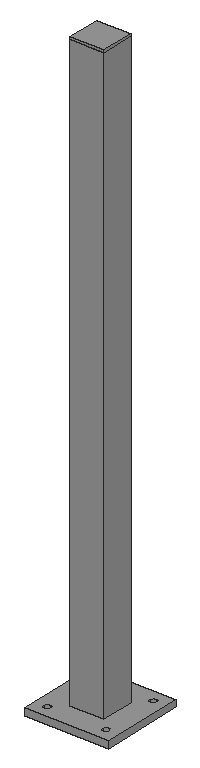
Revit family "FILIGREE_DOUBLE_MESH_PANEL_POST", category Specialty Equipment, Revit 2025
Family settings
  Round Connector Dimension = Use Diameter
  Part Type = Normal
  OmniClass Number = 23.55.00.00
  OmniClass Title = Manufactured Structures
  Work Plane-Based = No
  Enable Cutting in Views = No
  Always vertical = No
  Cut with Voids When Loaded = No
  Maintain Annotation Orientation = No
  Shared = No
  Room Calculation Point = No
Parameters (values of type "Assembly")
  Warranty URL = "https://palmshieldlouvers.com/wp-content/uploads/2020/01/PalmSHIELD-Warranty-NO-SIGN-LINE.pdf"
  Version = "2020 - v1.0a"  # constant formula
  URL = "https://palmshieldlouvers.com/"
  Product Page URL = "https://palmshieldlouvers.com/products/trellis-louvers/"
  Product Documentation Link = "https://palmshieldlouvers.com/wp-content/uploads/2022/03/PalmSHIELD-ESPALIER-trellis-panel-system-specifications-1.doc"
  Model = "Espalier Trellis System"  # constant formula
  Material = Metal - PalmSHIELD - Dusty Grey
  Manufacturer Phone Number = "531-329-4406 "  # constant formula
  Manufacturer Email = "mailto: info@palmshieldlouvers.com"
  Manufacturer Address = "12330 Cary Circle, La Vista, NE 68128"  # constant formula
  Manufacturer = "PalmSHIELD"  # constant formula
  Keynote = "05 10 00"
  Instruction Sheet Link = "https://palmshieldlouvers.com/wp-content/uploads/2020/01/PalmSHIELD-Post-Panel-Gate-Installation-Instructions-REV-1.pdf"
  ID [instance] = "Not Assigned"
  Height [instance] = if(Desired Overall Height < C Min Height, C Min Height, if(Desired Overall Height > C Max Height, C Max Height, Desired Overall Height))  # 6' - 0"
  Desired Overall Height [instance] = 6' - 0"
  Description = "Espalier Trellis System - Square Post"  # constant formula
  Default Elevation = 0' - 0"
  Copyright = "Copyright ©2024 The American Fence Company and PalmSHIELD. All Rights Reserved."  # constant formula
  Component Vis [instance] = yes
  Component Name [instance] = "Espalier Trellis System - Square Post"  # constant formula
  C Post Width = 0' - 4"  # constant formula
  C Min Height [instance] = 3' - 4"  # constant formula
  C Max Height [instance] = 10' - 0"  # constant formula
  Assembly Code = "F1020100"
Reference planes (in)
  plane 1 "Center (Front/Back)": y = 0
  plane 2: z = 0
  plane 3 "Center (Left/Right)": x = 0
  plane 4: z = 72
  plane 5: y = 2
  plane 6: y = -2
  plane 7: x = 2
  plane 8: x = -2
Lines and regions (in)
  reference lines
    curve 1: line (-24.29961, 0, 72) -> (24.70039, 0, 72)
Dimensions and locks (in)
  "Desired Overall Height": curve 1 to plane 2
  "Height": plane 4 to plane 2
  equal spacing: plane 8, plane 3 "Center (Left/Right)", plane 7
  equal spacing: plane 5, plane 1 "Center (Front/Back)", plane 6
  "C Post Width": plane 5 to plane 6
  "C Post Width": plane 8 to plane 7
  aligned and locked: plane 2 to level
Automatic sketch dimensions
  curve 1 to plane 8 = 1' - 10.29961"
  curve 1 to plane 7 = 1' - 10.70039"
Nested families (in)
  nested 1: "Screening-Louver-Assembly-Post-Palmshield-Espalier_Trellis_System" at (0, 0, 0), Desired Overall Height <- "Desired Overall Height", Overall Height <- "Height", ID <- "ID", Component Vis <- "Component Vis", type "Assembly"
    with Overall Height 6' - 0", ID "Not Assigned", Desired Overall Height 6' - 0", Component Vis yes, Component Name "Espalier Trellis System - Post Assembly"
  nested 2: "Nested-Base_Plate-Palmshield-Espalier_Trellis_System" at (0, 0, 0), type "10" x 10" x 3/4""
    with Material Metal - PalmSHIELD - Dusty Grey, ID "Not Assigned", Component Name "Espalier Trellis System - Aluminum - Base Plate"
  nested 3: "Nested-Square_Post-Aluminum-Palmshield-Espalier_Trellis_System" at (0, 0, 0.75), type "4" X 4" X 1/4" SQ. TUBE"
    with Material Metal - PalmSHIELD - Dusty Grey, Length 5' - 11", ID "Not Assigned", Component Name "Espalier Trellis System - Aluminum - Square Post"
  nested 4: "Nested-Top_Cap-Palmshield-Espalier_Trellis_System" at (0, 0, 71.75), type "4" x 4" x 1/4""
    with Material Metal - PalmSHIELD - Dusty Grey, ID "Not Assigned", Component Name "Espalier Trellis System - Aluminum - Square Top Cap"
Definition of nested family "Nested-Base_Plate-Palmshield-Espalier_Trellis_System"
  Parameters (values of type "10" x 10" x 3/4"")
    Width = if(Constraints = 1, 0' 10", 1' 2")  # 0' - 10"
    Warranty URL = "https://palmshieldlouvers.com/wp-content/uploads/2020/01/PalmSHIELD-Warranty-NO-SIGN-LINE.pdf"
    Version = "2020 - v1.0a"  # constant formula
    URL = "https://palmshieldlouvers.com/"
    Thickness = 0' - 0 3/4"  # constant formula
    Product Page URL = "https://palmshieldlouvers.com/products/trellis-louvers/"
    Product Documentation Link = "Contact Manufacturer for More Information"
    Model = "Espalier Trellis System - Single"  # constant formula
    Material [instance] = none
    Manufacturer Phone Number = "531-329-4406 "  # constant formula
    Manufacturer Fax Number = "Consult Manufacturer Website for More Information"  # constant formula
    Manufacturer Email = "mailto: info@palmshieldlouvers.com"
    Manufacturer Address = "12330 Cary Circle, La Vista, NE 68128"  # constant formula
    Manufacturer = "PalmSHIELD"  # constant formula
    Keynote = "05 10 00"
    Instruction Sheet Link = "https://palmshieldlouvers.com/wp-content/uploads/2020/01/PalmSHIELD-Post-Panel-Gate-Installation-Instructions-REV-1.pdf"
    ID [instance] = ""
    Hole Diameter = 0' - 0 3/4"  # constant formula
    Height = 0' - 10"  # constant formula
    Description = "Espalier Trellis System - Base Plate"  # constant formula
    Default Elevation = 4' - 0"
    Copyright = "Copyright ©2024 The American Fence Company and PalmSHIELD. All Rights Reserved."  # constant formula
    Constraints = 1
    Component Name [instance] = "Espalier Trellis System - Aluminum - Base Plate"  # constant formula
    C Hole Offset = 0' - 1 1/2"  # constant formula
    Assembly Code = "F1020100"
  Reference planes (in)
    plane 1 "Center (Front/Back)": y = 0
    plane 2: z = 0
    plane 3 "Center (Left/Right)": x = 0
    plane 4: y = 5
    plane 5: x = 5
    plane 6: y = -5
    plane 7: x = -5
    plane 8: z = 0.75
  Forms (in)
    Extrusion 1, solid
      sketch origin (0, 0, 0) x (1, 0, 0) y (0, 1, 0)
        loop
          line (-48, 48) -> (-48, -48) -> (48, -48) -> (48, 48) -> (-48, 48)
      from 0 to -12
    Extrusion 2, solid, material <- "Material"
      sketch origin (0, 0, 0) x (1, 0, 0) y (0, 1, 0)
        loop
          line (-5, 5) -> (-5, -5) -> (5, -5) -> (5, 5) -> (-5, 5)
        loop
          circle (-3.5, 3.5) r 0.375
        loop
          circle (3.5, 3.5) r 0.375
        loop
          circle (-3.5, -3.5) r 0.375
        loop
          circle (3.5, -3.5) r 0.375
      from 0 to 0.75
  Dimensions and locks (in)
    equal spacing: plane 7, plane 3 "Center (Left/Right)", plane 5
    equal spacing: plane 4, plane 1 "Center (Front/Back)", plane 6
    "Width": plane 7 to plane 5
    "Height": plane 4 to plane 6
    "C Hole Offset": plane 7 to Extrusion 2 sketch curve  (x2)
    "C Hole Offset": Extrusion 2 sketch curve to plane 5  (x2)
    "C Hole Offset": plane 4 to Extrusion 2 sketch curve  (x2)
    "C Hole Offset": plane 6 to Extrusion 2 sketch curve  (x2)
    "Thickness": plane 8 to plane 2
    "Width": Extrusion 2 to Extrusion 2
    "Hole Diameter": diameter of Extrusion 2 sketch curve  (x4)
    aligned and locked: plane 2 to Extrusion 1
    aligned and locked: level to Extrusion 1
    aligned and locked: Extrusion 2 sketch curve to plane 4
    aligned and locked: plane 7 to Extrusion 2 sketch curve
    aligned and locked: Extrusion 2 sketch curve to plane 6
    aligned and locked: Extrusion 2 sketch curve to plane 5
    aligned and locked: plane 8 to Extrusion 2
  Automatic sketch dimensions
    Extrusion 1 sketch curve to Extrusion 1 sketch curve = 8' - 0"  (x2)
Definition of nested family "Nested-Square_Post-Aluminum-Palmshield-Espalier_Trellis_System"
  Parameters (values of type "4" X 4" X 1/4" SQ. TUBE")
    Width = 0' - 4"  # constant formula
    Warranty URL = "https://palmshieldlouvers.com/wp-content/uploads/2020/01/PalmSHIELD-Warranty-NO-SIGN-LINE.pdf"
    Version = "2020 - v1.0a"  # constant formula
    URL = "https://palmshieldlouvers.com/"
    Thickness = 0' - 0 1/4"  # constant formula
    Product Page URL = "https://palmshieldlouvers.com/products/trellis-louvers/"
    Product Documentation Link = "Contact Manufacturer for More Information"
    Model = "Espalier Trellis System - Single"  # constant formula
    Material [instance] = none
    Manufacturer Phone Number = "531-329-4406 "  # constant formula
    Manufacturer Fax Number = "Consult Manufacturer Website for More Information"  # constant formula
    Manufacturer Email = "mailto: info@palmshieldlouvers.com"
    Manufacturer Address = "12330 Cary Circle, La Vista, NE 68128"  # constant formula
    Manufacturer = "PalmSHIELD"  # constant formula
    Length [instance] = 4' - 4.86713"
    Keynote = "05 10 00"
    Instruction Sheet Link = "https://palmshieldlouvers.com/wp-content/uploads/2020/01/PalmSHIELD-Post-Panel-Gate-Installation-Instructions-REV-1.pdf"
    ID [instance] = ""
    Description = "Espalier Trellis System - Post"  # constant formula
    Default Elevation = 4' - 0"
    Copyright = "Copyright ©2024 The American Fence Company and PalmSHIELD. All Rights Reserved."  # constant formula
    Component Name [instance] = "Espalier Trellis System - Aluminum - Square Post"  # constant formula
    Assembly Code = "F1020100"
  Reference planes (in)
    plane 1 "Center (Front/Back)": y = 0
    plane 2: z = 0
    plane 3 "Center (Left/Right)": x = 0
    plane 4: z = 52.86713
    plane 5: x = 2
    plane 6: x = -2
  Forms (in)
    Extrusion 1, solid
      sketch origin (0, 0, 0) x (1, 0, 0) y (0, 1, 0)
        loop
          line (-48, 48) -> (-48, -48) -> (48, -48) -> (48, 48) -> (-48, 48)
      from 0 to -12
    Sweep 2, solid, material <- "Material"
      path origin (0, 0, 0) x (0, 1, 0) y (0, 0, 1)
        loop
          line (0, 0) -> (0, 52.86713)
      profile "Profile-Palmshield-Square : 4" X 4" X 1/4" SQ. TUBE" origin (0, 0, 26.43357) x (0, -1, 0) y (1, 0, 0)
        loop
          line (1.75, 1.75) -> (-1.75, 1.75) -> (-1.75, -1.75) -> (1.75, -1.75) -> (1.75, 1.75)
        loop
          line (-2, -2) -> (2, -2) -> (2, 2) -> (-2, 2) -> (-2, -2)
  Dimensions and locks (in)
    "Length": plane 4 to plane 2
    equal spacing: plane 5, plane 3 "Center (Left/Right)", plane 6
    "Width": plane 5 to plane 6
    aligned and locked: plane 2 to Extrusion 1
    aligned and locked: level to Extrusion 1
    aligned and locked: plane 1 "Center (Front/Back)" to Sweep 2 sketch curve
    aligned and locked: plane 4 to Sweep 2 sketch curve
  Automatic sketch dimensions
    Extrusion 1 sketch curve to Extrusion 1 sketch curve = 8' - 0"  (x2)
    Sweep 2 sketch curve to level = 0' - 0"
Definition of nested family "Nested-Top_Cap-Palmshield-Espalier_Trellis_System"
  Parameters (values of type "4" x 4" x 1/4"")
    Width = 0' - 4"  # constant formula
    Warranty URL = "https://palmshieldlouvers.com/wp-content/uploads/2020/01/PalmSHIELD-Warranty-NO-SIGN-LINE.pdf"
    Version = "2020 - v1.0a"  # constant formula
    URL = "https://palmshieldlouvers.com/"
    Thickness = 0' - 0 1/4"  # constant formula
    Product Page URL = "https://palmshieldlouvers.com/products/trellis-louvers/"
    Product Documentation Link = "Contact Manufacturer for More Information"
    Model = "Espalier Trellis System - Single"  # constant formula
    Material [instance] = none
    Manufacturer Phone Number = "531-329-4406 "  # constant formula
    Manufacturer Fax Number = "Consult Manufacturer Website for More Information"  # constant formula
    Manufacturer Email = "mailto: info@palmshieldlouvers.com"
    Manufacturer Address = "12330 Cary Circle, La Vista, NE 68128"  # constant formula
    Manufacturer = "PalmSHIELD"  # constant formula
    Keynote = "05 10 00"
    Instruction Sheet Link = "https://palmshieldlouvers.com/wp-content/uploads/2020/01/PalmSHIELD-Post-Panel-Gate-Installation-Instructions-REV-1.pdf"
    ID [instance] = ""
    Description = "Espalier Trellis System - Top Cap"  # constant formula
    Default Elevation = 4' - 0"
    Copyright = "Copyright ©2024 The American Fence Company and PalmSHIELD. All Rights Reserved."  # constant formula
    Component Name [instance] = "Espalier Trellis System - Aluminum - Square Top Cap"  # constant formula
    Assembly Code = "F1020100"
  Reference planes (in)
    plane 1 "Center (Front/Back)": y = 0
    plane 2: z = 0
    plane 3 "Center (Left/Right)": x = 0
    plane 4: y = 2
    plane 5: x = 2
    plane 6: y = -2
    plane 7: x = -2
    plane 8: z = 0.25
  Forms (in)
    Extrusion 1, solid
      sketch origin (0, 0, 0) x (1, 0, 0) y (0, 1, 0)
        loop
          line (-48, 48) -> (-48, -48) -> (48, -48) -> (48, 48) -> (-48, 48)
      from 0 to -12
    Extrusion 2, solid, material <- "Material"
      sketch origin (0, 0, 0) x (1, 0, 0) y (0, 1, 0)
        loop
          line (-2, 2) -> (-2, -2) -> (2, -2) -> (2, 2) -> (-2, 2)
      from 0 to 0.25
  Dimensions and locks (in)
    equal spacing: plane 7, plane 3 "Center (Left/Right)", plane 5
    equal spacing: plane 4, plane 1 "Center (Front/Back)", plane 6
    "Width": plane 7 to plane 5
    "Width": plane 4 to plane 6
    "Thickness": plane 8 to plane 2
    aligned and locked: plane 2 to Extrusion 1
    aligned and locked: level to Extrusion 1
    aligned and locked: Extrusion 2 sketch curve to plane 4
    aligned and locked: plane 7 to Extrusion 2 sketch curve
    aligned and locked: Extrusion 2 sketch curve to plane 6
    aligned and locked: Extrusion 2 sketch curve to plane 5
    aligned and locked: plane 8 to Extrusion 2
  Automatic sketch dimensions
    Extrusion 1 sketch curve to Extrusion 1 sketch curve = 8' - 0"  (x2)
Definition of nested family "Screening-Louver-Assembly-Post-Palmshield-Espalier_Trellis_System"
  Parameters (values of type "Default")
    Width = 0' - 4"  # constant formula
    Warranty URL = "https://palmshieldlouvers.com/wp-content/uploads/2020/01/PalmSHIELD-Warranty-NO-SIGN-LINE.pdf"
    Version = "2020 - v1.0a"  # constant formula
    URL = "https://palmshieldlouvers.com/"
    Top Cap Thickness = 0' - 0 1/8"  # constant formula
    Product Page URL = "https://palmshieldlouvers.com/products/trellis-louvers/"
    Product Documentation Link = "Contact Manufacturer for More Information"
    Overall Height [instance] = if(Desired Overall Height < 3' 0", 3' 0", if(Desired Overall Height > 10' 0", 10' 0", Desired Overall Height))  # 6' - 0"
    Model = "Espalier Trellis System - Single"  # constant formula
    Material = none
    Manufacturer Phone Number = "531-329-4406 "  # constant formula
    Manufacturer Fax Number = "Consult Manufacturer Website for More Information"  # constant formula
    Manufacturer Email = "mailto: info@palmshieldlouvers.com"
    Manufacturer Address = "12330 Cary Circle, La Vista, NE 68128"  # constant formula
    Manufacturer = "PalmSHIELD"  # constant formula
    Keynote = "05 10 00"
    Instruction Sheet Link = "https://palmshieldlouvers.com/wp-content/uploads/2020/01/PalmSHIELD-Post-Panel-Gate-Installation-Instructions-REV-1.pdf"
    ID [instance] = "Not Assigned"
    Desired Overall Height [instance] = 6' - 0"
    Description = "Espalier Trellis System - Post Assembly"  # constant formula
    Default Elevation = 4' - 0"
    Copyright = "Copyright ©2024 The American Fence Company and PalmSHIELD. All Rights Reserved."  # constant formula
    Component Vis [instance] = yes
    Component Name [instance] = "Espalier Trellis System - Post Assembly"  # constant formula
    Base Plate Thickness = 0' - 0 3/4"  # constant formula
    Assembly Code = "F1020100"
  Reference planes (in)
    plane 1 "Center (Front/Back)": y = 0
    plane 2: z = 0
    plane 3 "Center (Left/Right)": x = 0
    plane 4: x = 2
    plane 5: x = -2
    plane 6: z = 72
    plane 7: z = 2
    plane 8: z = 71.75
  Forms (in)
    Extrusion 1, solid
      sketch origin (0, 0, 0) x (1, 0, 0) y (0, 1, 0)
        loop
          line (-48, 48) -> (-48, -48) -> (48, -48) -> (48, 48) -> (-48, 48)
      from 0 to -12
  Lines and regions (in)
    reference lines
      curve 1: line (-64.16684, 0, 72) -> (79.83316, 0, 72)
  Dimensions and locks (in)
    equal spacing: plane 4, plane 3 "Center (Left/Right)", plane 5
    "Width": plane 4 to plane 5
    plane 7 to plane 2 = 0' - 2"
    plane 3 "Center (Left/Right)" to nested 2 = 0' - 0"
    plane 3 "Center (Left/Right)" to nested 3 = 0' - 0"
    locked: plane 6 to plane 8 at 0.25
    "Desired Overall Height": curve 1 to plane 2
    "Overall Height": plane 6 to plane 2
    aligned and locked: plane 2 to Extrusion 1
    aligned and locked: level to Extrusion 1
    aligned and locked: plane 1 "Center (Front/Back)" to nested 1
    aligned and locked: plane 1 "Center (Front/Back)" to nested 3
    aligned and locked: plane 3 "Center (Left/Right)" to nested 1
    aligned and locked: nested 2 to plane 8
  Automatic sketch dimensions
    Extrusion 1 sketch curve to Extrusion 1 sketch curve = 8' - 0"  (x2)
    curve 1 to plane 5 = 5' - 2.16684"
    plane 4 to curve 1 = 6' - 5.83316"
  Nested families (in)
    nested 1: "Nested-Base_Plate-Palmshield-Espalier_Trellis_System" at (0, 0, 0), ID <- "ID", Material <- "Material", visible <- "Component Vis", type "10" x 10" x 3/4""
      with Material none, ID "Not Assigned", Component Name "Espalier Trellis System - Aluminum - Base Plate"
    nested 2: "Nested-Square_Post-Aluminum-Palmshield-Espalier_Trellis_System" at (0, 0, 0.75), ID <- "ID", Material <- "Material", visible <- "Component Vis", type "4" X 4" X 1/4" SQ. TUBE"
      with Material none, Length 5' - 11", ID "Not Assigned", Component Name "Espalier Trellis System - Aluminum - Square Post"
    nested 3: "Nested-Top_Cap-Palmshield-Espalier_Trellis_System" at (0, 0, 71.75), ID <- "ID", Material <- "Material", visible <- "Component Vis", type "4" x 4" x 1/4""
      with Material none, ID "Not Assigned", Component Name "Espalier Trellis System - Aluminum - Square Top Cap"
  Definition of nested family "Nested-Base_Plate-Palmshield-Espalier_Trellis_System"
    Parameters (values of type "10" x 10" x 3/4"")
      Width = if(Constraints = 1, 0' 10", 1' 2")  # 0' - 10"
      Warranty URL = "https://palmshieldlouvers.com/wp-content/uploads/2020/01/PalmSHIELD-Warranty-NO-SIGN-LINE.pdf"
      Version = "2020 - v1.0a"  # constant formula
      URL = "https://palmshieldlouvers.com/"
      Thickness = 0' - 0 3/4"  # constant formula
      Product Page URL = "https://palmshieldlouvers.com/products/trellis-louvers/"
      Product Documentation Link = "Contact Manufacturer for More Information"
      Model = "Espalier Trellis System - Single"  # constant formula
      Material [instance] = none
      Manufacturer Phone Number = "531-329-4406 "  # constant formula
      Manufacturer Fax Number = "Consult Manufacturer Website for More Information"  # constant formula
      Manufacturer Email = "mailto: info@palmshieldlouvers.com"
      Manufacturer Address = "12330 Cary Circle, La Vista, NE 68128"  # constant formula
      Manufacturer = "PalmSHIELD"  # constant formula
      Keynote = "05 10 00"
      Instruction Sheet Link = "https://palmshieldlouvers.com/wp-content/uploads/2020/01/PalmSHIELD-Post-Panel-Gate-Installation-Instructions-REV-1.pdf"
      ID [instance] = ""
      Hole Diameter = 0' - 0 3/4"  # constant formula
      Height = 0' - 10"  # constant formula
      Description = "Espalier Trellis System - Base Plate"  # constant formula
      Default Elevation = 4' - 0"
      Copyright = "Copyright ©2024 The American Fence Company and PalmSHIELD. All Rights Reserved."  # constant formula
      Constraints = 1
      Component Name [instance] = "Espalier Trellis System - Aluminum - Base Plate"  # constant formula
      C Hole Offset = 0' - 1 1/2"  # constant formula
      Assembly Code = "F1020100"
    Reference planes (in)
      plane 1 "Center (Front/Back)": y = 0
      plane 2: z = 0
      plane 3 "Center (Left/Right)": x = 0
      plane 4: y = 5
      plane 5: x = 5
      plane 6: y = -5
      plane 7: x = -5
      plane 8: z = 0.75
    Forms (in)
      Extrusion 1, solid
        sketch origin (0, 0, 0) x (1, 0, 0) y (0, 1, 0)
          loop
            line (-48, 48) -> (-48, -48) -> (48, -48) -> (48, 48) -> (-48, 48)
        from 0 to -12
      Extrusion 2, solid, material <- "Material"
        sketch origin (0, 0, 0) x (1, 0, 0) y (0, 1, 0)
          loop
            line (-5, 5) -> (-5, -5) -> (5, -5) -> (5, 5) -> (-5, 5)
          loop
            circle (-3.5, 3.5) r 0.375
          loop
            circle (3.5, 3.5) r 0.375
          loop
            circle (-3.5, -3.5) r 0.375
          loop
            circle (3.5, -3.5) r 0.375
        from 0 to 0.75
    Dimensions and locks (in)
      equal spacing: plane 7, plane 3 "Center (Left/Right)", plane 5
      equal spacing: plane 4, plane 1 "Center (Front/Back)", plane 6
      "Width": plane 7 to plane 5
      "Height": plane 4 to plane 6
      "C Hole Offset": plane 7 to Extrusion 2 sketch curve  (x2)
      "C Hole Offset": Extrusion 2 sketch curve to plane 5  (x2)
      "C Hole Offset": plane 4 to Extrusion 2 sketch curve  (x2)
      "C Hole Offset": plane 6 to Extrusion 2 sketch curve  (x2)
      "Thickness": plane 8 to plane 2
      "Width": Extrusion 2 to Extrusion 2
      "Hole Diameter": diameter of Extrusion 2 sketch curve  (x4)
      aligned and locked: plane 2 to Extrusion 1
      aligned and locked: level to Extrusion 1
      aligned and locked: Extrusion 2 sketch curve to plane 4
      aligned and locked: plane 7 to Extrusion 2 sketch curve
      aligned and locked: Extrusion 2 sketch curve to plane 6
      aligned and locked: Extrusion 2 sketch curve to plane 5
      aligned and locked: plane 8 to Extrusion 2
    Automatic sketch dimensions
      Extrusion 1 sketch curve to Extrusion 1 sketch curve = 8' - 0"  (x2)
  Definition of nested family "Nested-Square_Post-Aluminum-Palmshield-Espalier_Trellis_System"
    Parameters (values of type "4" X 4" X 1/4" SQ. TUBE")
      Width = 0' - 4"  # constant formula
      Warranty URL = "https://palmshieldlouvers.com/wp-content/uploads/2020/01/PalmSHIELD-Warranty-NO-SIGN-LINE.pdf"
      Version = "2020 - v1.0a"  # constant formula
      URL = "https://palmshieldlouvers.com/"
      Thickness = 0' - 0 1/4"  # constant formula
      Product Page URL = "https://palmshieldlouvers.com/products/trellis-louvers/"
      Product Documentation Link = "Contact Manufacturer for More Information"
      Model = "Espalier Trellis System - Single"  # constant formula
      Material [instance] = none
      Manufacturer Phone Number = "531-329-4406 "  # constant formula
      Manufacturer Fax Number = "Consult Manufacturer Website for More Information"  # constant formula
      Manufacturer Email = "mailto: info@palmshieldlouvers.com"
      Manufacturer Address = "12330 Cary Circle, La Vista, NE 68128"  # constant formula
      Manufacturer = "PalmSHIELD"  # constant formula
      Length [instance] = 4' - 4.86713"
      Keynote = "05 10 00"
      Instruction Sheet Link = "https://palmshieldlouvers.com/wp-content/uploads/2020/01/PalmSHIELD-Post-Panel-Gate-Installation-Instructions-REV-1.pdf"
      ID [instance] = ""
      Description = "Espalier Trellis System - Post"  # constant formula
      Default Elevation = 4' - 0"
      Copyright = "Copyright ©2024 The American Fence Company and PalmSHIELD. All Rights Reserved."  # constant formula
      Component Name [instance] = "Espalier Trellis System - Aluminum - Square Post"  # constant formula
      Assembly Code = "F1020100"
    Reference planes (in)
      plane 1 "Center (Front/Back)": y = 0
      plane 2: z = 0
      plane 3 "Center (Left/Right)": x = 0
      plane 4: z = 52.86713
      plane 5: x = 2
      plane 6: x = -2
    Forms (in)
      Extrusion 1, solid
        sketch origin (0, 0, 0) x (1, 0, 0) y (0, 1, 0)
          loop
            line (-48, 48) -> (-48, -48) -> (48, -48) -> (48, 48) -> (-48, 48)
        from 0 to -12
      Sweep 2, solid, material <- "Material"
        path origin (0, 0, 0) x (0, 1, 0) y (0, 0, 1)
          loop
            line (0, 0) -> (0, 52.86713)
        profile "Profile-Palmshield-Square : 4" X 4" X 1/4" SQ. TUBE" origin (0, 0, 26.43357) x (0, -1, 0) y (1, 0, 0)
          loop
            line (1.75, 1.75) -> (-1.75, 1.75) -> (-1.75, -1.75) -> (1.75, -1.75) -> (1.75, 1.75)
          loop
            line (-2, -2) -> (2, -2) -> (2, 2) -> (-2, 2) -> (-2, -2)
    Dimensions and locks (in)
      "Length": plane 4 to plane 2
      equal spacing: plane 5, plane 3 "Center (Left/Right)", plane 6
      "Width": plane 5 to plane 6
      aligned and locked: plane 2 to Extrusion 1
      aligned and locked: level to Extrusion 1
      aligned and locked: plane 1 "Center (Front/Back)" to Sweep 2 sketch curve
      aligned and locked: plane 4 to Sweep 2 sketch curve
    Automatic sketch dimensions
      Extrusion 1 sketch curve to Extrusion 1 sketch curve = 8' - 0"  (x2)
      Sweep 2 sketch curve to level = 0' - 0"
  Definition of nested family "Nested-Top_Cap-Palmshield-Espalier_Trellis_System"
    Parameters (values of type "4" x 4" x 1/4"")
      Width = 0' - 4"  # constant formula
      Warranty URL = "https://palmshieldlouvers.com/wp-content/uploads/2020/01/PalmSHIELD-Warranty-NO-SIGN-LINE.pdf"
      Version = "2020 - v1.0a"  # constant formula
      URL = "https://palmshieldlouvers.com/"
      Thickness = 0' - 0 1/4"  # constant formula
      Product Page URL = "https://palmshieldlouvers.com/products/trellis-louvers/"
      Product Documentation Link = "Contact Manufacturer for More Information"
      Model = "Espalier Trellis System - Single"  # constant formula
      Material [instance] = none
      Manufacturer Phone Number = "531-329-4406 "  # constant formula
      Manufacturer Fax Number = "Consult Manufacturer Website for More Information"  # constant formula
      Manufacturer Email = "mailto: info@palmshieldlouvers.com"
      Manufacturer Address = "12330 Cary Circle, La Vista, NE 68128"  # constant formula
      Manufacturer = "PalmSHIELD"  # constant formula
      Keynote = "05 10 00"
      Instruction Sheet Link = "https://palmshieldlouvers.com/wp-content/uploads/2020/01/PalmSHIELD-Post-Panel-Gate-Installation-Instructions-REV-1.pdf"
      ID [instance] = ""
      Description = "Espalier Trellis System - Top Cap"  # constant formula
      Default Elevation = 4' - 0"
      Copyright = "Copyright ©2024 The American Fence Company and PalmSHIELD. All Rights Reserved."  # constant formula
      Component Name [instance] = "Espalier Trellis System - Aluminum - Square Top Cap"  # constant formula
      Assembly Code = "F1020100"
    Reference planes (in)
      plane 1 "Center (Front/Back)": y = 0
      plane 2: z = 0
      plane 3 "Center (Left/Right)": x = 0
      plane 4: y = 2
      plane 5: x = 2
      plane 6: y = -2
      plane 7: x = -2
      plane 8: z = 0.25
    Forms (in)
      Extrusion 1, solid
        sketch origin (0, 0, 0) x (1, 0, 0) y (0, 1, 0)
          loop
            line (-48, 48) -> (-48, -48) -> (48, -48) -> (48, 48) -> (-48, 48)
        from 0 to -12
      Extrusion 2, solid, material <- "Material"
        sketch origin (0, 0, 0) x (1, 0, 0) y (0, 1, 0)
          loop
            line (-2, 2) -> (-2, -2) -> (2, -2) -> (2, 2) -> (-2, 2)
        from 0 to 0.25
    Dimensions and locks (in)
      equal spacing: plane 7, plane 3 "Center (Left/Right)", plane 5
      equal spacing: plane 4, plane 1 "Center (Front/Back)", plane 6
      "Width": plane 7 to plane 5
      "Width": plane 4 to plane 6
      "Thickness": plane 8 to plane 2
      aligned and locked: plane 2 to Extrusion 1
      aligned and locked: level to Extrusion 1
      aligned and locked: Extrusion 2 sketch curve to plane 4
      aligned and locked: plane 7 to Extrusion 2 sketch curve
      aligned and locked: Extrusion 2 sketch curve to plane 6
      aligned and locked: Extrusion 2 sketch curve to plane 5
      aligned and locked: plane 8 to Extrusion 2
    Automatic sketch dimensions
      Extrusion 1 sketch curve to Extrusion 1 sketch curve = 8' - 0"  (x2)
